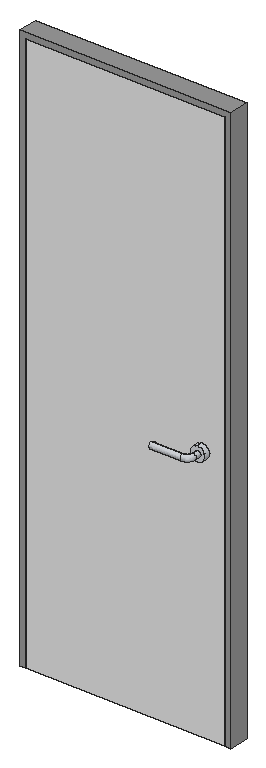
Revit family "- Vania", category Doors, host Wall, Revit 2018
Family settings
  Host = Wall
  OmniClass Number = 23.30.10.00
  OmniClass Title = Doors
  Always vertical = Yes
  Cut with Voids When Loaded = No
  Shared = No
  Room Calculation Point = No
Parameters (values of type "- 70 x 200 cm")
  Set de Marcos = ""
  Relleno = ""
  Material Marco = - Perfil Aluminio
  Material Hoja = - HDF Prefinish
  Manilla = - Manilla
  Hojas = "Simple de Abatir"
  Function = Interior
  Frame Projection Ext. = 2.50 cm
  Frame Projection Int. = 2.50 cm
  Frame Width = 7.50 cm
  Height = 200.00 cm
  Wall Closure = By host
  Width = 74.00 cm
  Distancia a Cara Interior = 6.00 cm
  Bisagras = ""
  Ancho Hoja = Width - 4.00 cm  # 70.00 cm
  Ancho = Width  # 74.00 cm
  Analytic Construction = "<None>"
  Alto = Height  # 200.00 cm
Types (12, lengths in cm): name | Material Hoja | Height | Width | Ancho Hoja | Ancho | Alto
  - 70 x 200 cm | - HDF Prefinish | 200.00 | 74.00 | 70.00 | 74.00 | 200.00
  - 75 x 200 cm | none | 200.00 | 79.00 | 75.00 | 79.00 | 200.00
  - 80 x 200 cm | none | 200.00 | 84.00 | 80.00 | 84.00 | 200.00
  - 85 x 200 cm | none | 200.00 | 89.00 | 85.00 | 89.00 | 200.00
  - 90 x 200 cm | none | 200.00 | 94.00 | 90.00 | 94.00 | 200.00
  -100 x 200 cm | none | 200.00 | 104.00 | 100.00 | 104.00 | 200.00
  - 70 x 210 cm | none | 210.00 | 74.00 | 70.00 | 74.00 | 210.00
  - 75 x 210 cm | none | 210.00 | 79.00 | 75.00 | 79.00 | 210.00
  - 80 x 210 cm | none | 210.00 | 84.00 | 80.00 | 84.00 | 210.00
  - 85 x 210 cm | none | 210.00 | 89.00 | 85.00 | 89.00 | 210.00
  - 90 x 210 cm | - HDF Prefinish | 210.00 | 94.00 | 90.00 | 94.00 | 210.00
  - 100 x 210 cm | - HDF Siena | 210.00 | 104.00 | 100.00 | 104.00 | 210.00
Reference planes (cm)
  plane 1: y = 0
  plane 2 "Center (Left/Right)": x = 0
  plane 3 "Left": x = -37
  plane 4 "Right": x = 37
  plane 5: z = 200
  plane 6 "Exterior": y = 7.5
  plane 7 "Interior": y = -7.5
  plane 8: y = -1.5
  plane 9: z = 198
  plane 10: x = -35
  plane 11: x = 35
Forms (cm)
  Sweep 1, solid, material "- Perfil Aluminio" <- "Material Marco"
    path origin (0, 7.5, 0) x (1, 0, 0) y (0, 0, 1)
      loop
        line (37, 0) -> (37, 200) -> (-37, 200) -> (-37, 0)
    profile origin (37, 7.5, 100) x (-1, 0, 0) y (0, -1, 0)
      loop
        line (0, 2) -> (3, 2) -> (3, 4.3) -> (2, 4.3) -> (2, 9) -> (0, 9) -> (0, 2)
  Extrusion 2, solid, material "- HDF Prefinish" <- "Material Hoja"
    sketch origin (0, 0, 0) x (1, 0, 0) y (0, 1, 0)
      loop
        line (-35, -1.5) -> (35, -1.5) -> (35, 3) -> (-35, 3) -> (-35, -1.5)
    from 0 to 198
  Sweep 3, solid, material "- Manilla" <- "Manilla", not visible
    path origin (5.8483, -7.5601, 0) x (1, 0, 0) y (0, 1, 0)
      loop
        line (22.1517, 15.0613) -> (32.1517, 15.0613)
        arc (32.1517, 15.0613) -> (33.5659, 14.4756) -> (34.1517, 13.0613) r 2
        line (34.1517, 13.0613) -> (34.1517, 11.0613)
    profile origin (33, 7.5012, 0) x (0, 1, 0) y (0, 0, 1)
      loop
        circle (0, 90) r 1
  Extrusion 4, solid, material "- Manilla" <- "Manilla", not visible
    sketch origin (0, 7.5, 0) x (1, 0, 0) y (0, 0, 1)
      loop
        circle (40, 90) r 2.5
    from 3.9988 to 5
Lines and regions (cm)
  Opening 1
    outline origin (-305, -7.5, 0) x (1, 0, 0) y (0, 0, 1)
      loop
        line (268, 0) -> (342, 0) -> (342, 200) -> (268, 200) -> (268, 0)
  symbolic lines, style "Elevation Swing"
    curve 1: line (37, -7.5, 100) -> (-37, -7.5, 200)
    curve 2: line (37, -7.5, 100) -> (-37, -7.5, 0)
    curve 7: arc (-30.5, -71.5, 0) -> (16.4246, -49.6941, 0) -> (35.2596, -1.5001, 0) r 69.4706
  symbolic lines
    curve 3: line (-35, -1.5, 0) -> (-35, -71.5, 0)
    curve 4: line (-30.5, -1.5, 0) -> (-35, -1.5, 0)
    curve 5: line (-30.5, -71.5, 0) -> (-30.5, -1.5, 0)
    curve 6: line (-35, -71.5, 0) -> (-30.5, -71.5, 0)
  model lines, not visible
    curve 8: line (-20, 3, 25) -> (20, 3, 25)
    curve 9: line (-20, 3, 65) -> (-20, 3, 25)
    curve 10: line (20, 3, 65) -> (8.6603, 3, 65)
    curve 11: line (20, 3, 25) -> (20, 3, 65)
    curve 12: line (-20, 3, 75) -> (-8.6603, 3, 75)
    curve 13: line (-20, 3, 75) -> (-20, 3, 169.9666)
    curve 14: line (20, 3, 75) -> (20, 3, 169.9666)
    curve 15: arc (-8.6603, 3, 65) -> (0, 3, 60) -> (8.6603, 3, 65) r 10
    curve 16: line (8.6603, 3, 75) -> (20, 3, 75)
    curve 17: line (-8.6603, 3, 65) -> (-20, 3, 65)
    curve 18: arc (8.6603, 3, 75) -> (0, 3, 80) -> (-8.6603, 3, 75) r 10
    curve 19: arc (14.9666, 3, 175) -> (0, 3, 183) -> (-14.9666, 3, 175) r 18
    curve 20: arc (-20, 3, 169.9666) -> (-16.4409, 3, 171.4409) -> (-14.9666, 3, 175) r 5.0334
    curve 21: arc (14.9666, 3, 175) -> (16.4409, 3, 171.4409) -> (20, 3, 169.9666) r 5.0334
    curve 22: line (-9.2195, 3, 64) -> (-19, 3, 64)
    curve 23: line (-19, 3, 64) -> (-19, 3, 26)
    curve 24: arc (9.2195, 3, 64) -> (0, 3, 59) -> (-9.2195, 3, 64) r 11
    curve 25: line (19, 3, 64) -> (9.2195, 3, 64)
    curve 26: line (19, 3, 26) -> (19, 3, 64)
    curve 27: line (-19, 3, 26) -> (19, 3, 26)
    curve 28: line (-18.9928, 3, 168.9932) -> (-18.9928, 3, 76)
    curve 29: arc (-13.9941, 3, 174.9045) -> (-15.4113, 3, 171.0338) -> (-18.9928, 3, 168.9932) r 5.9946
    curve 30: arc (13.9971, 3, 174.7848) -> (0.0327, 3, 182.1538) -> (-13.9941, 3, 174.9045) r 17.0542
    curve 31: arc (19, 3, 169.1276) -> (15.4988, 3, 171.072) -> (13.9971, 3, 174.7848) r 6.0089
    curve 32: line (19, 3, 76) -> (19, 3, 169.1276)
    curve 33: line (9.2195, 3, 76) -> (19, 3, 76)
    curve 34: arc (-9.2195, 3, 76) -> (0, 3, 81) -> (9.2195, 3, 76) r 11
    curve 35: line (-18.9928, 3, 76) -> (-9.2195, 3, 76)
    curve 36: arc (12.052, 3, 174.0667) -> (0.0498, 3, 180.1537) -> (-12.0243, 3, 174.2107) r 15.0542
    curve 37: arc (-12.0243, 3, 174.2107) -> (-13.561, 3, 170.1508) -> (-16.9928, 3, 167.4925) r 7.9946
    curve 38: line (-16.9928, 3, 167.4925) -> (-16.9928, 3, 78)
    curve 39: line (17, 3, 78) -> (17, 3, 167.6269)
    curve 40: arc (17, 3, 167.6269) -> (13.6492, 3, 170.1731) -> (12.052, 3, 174.0667) r 8.0089
    curve 41: line (-16.9928, 3, 78) -> (-10.247, 3, 78)
    curve 42: arc (-10.247, 3, 78) -> (0, 3, 83) -> (10.247, 3, 78) r 13
    curve 43: line (10.247, 3, 78) -> (17, 3, 78)
    curve 44: line (-10.247, 3, 62) -> (-17, 3, 62)
    curve 45: arc (10.247, 3, 62) -> (0, 3, 57) -> (-10.247, 3, 62) r 13
    curve 46: line (17, 3, 62) -> (10.247, 3, 62)
    curve 47: line (17, 3, 28) -> (17, 3, 62)
    curve 48: line (-17, 3, 28) -> (17, 3, 28)
    curve 49: line (-17, 3, 62) -> (-17, 3, 28)
    curve 50: line (-314, -1.5, 25) -> (-274, -1.5, 25)
    curve 51: line (-314, -1.5, 65) -> (-314, -1.5, 25)
    curve 52: line (-274, -1.5, 25) -> (-274, -1.5, 65)
    curve 53: line (-314, -1.5, 70) -> (-274, -1.5, 70)
    curve 54: line (-314, -1.5, 70) -> (-314, -1.5, 87)
    curve 55: line (-274, -1.5, 70) -> (-274, -1.5, 87)
    curve 56: line (-274, -1.5, 65) -> (-314, -1.5, 65)
    curve 57: line (-275, -1.5, 64) -> (-313, -1.5, 64)
    curve 58: line (-313, -1.5, 64) -> (-313, -1.5, 26)
    curve 59: line (-275, -1.5, 26) -> (-275, -1.5, 64)
    curve 60: line (-313, -1.5, 26) -> (-275, -1.5, 26)
    curve 61: line (-312.9928, -1.5, 86) -> (-312.9928, -1.5, 71)
    curve 62: line (-275, -1.5, 71) -> (-275, -1.5, 86)
    curve 63: line (-312.9928, -1.5, 71) -> (-275, -1.5, 71)
    curve 64: line (-310.9928, -1.5, 84) -> (-310.9928, -1.5, 73)
    curve 65: line (-277, -1.5, 73) -> (-277, -1.5, 84)
    curve 66: line (-310.9928, -1.5, 73) -> (-277, -1.5, 73)
    curve 67: line (-277, -1.5, 62) -> (-311, -1.5, 62)
    curve 68: line (-277, -1.5, 28) -> (-277, -1.5, 62)
    curve 69: line (-311, -1.5, 28) -> (-277, -1.5, 28)
    curve 70: line (-311, -1.5, 62) -> (-311, -1.5, 28)
    curve 71: line (-310.9928, -1.5, 84) -> (-277, -1.5, 84)
    curve 72: line (-314, -1.5, 87) -> (-274, -1.5, 87)
    curve 73: line (-312.9928, -1.5, 86) -> (-275, -1.5, 86)
    curve 74: line (-310.9928, -1.5, 84) -> (-277, -1.5, 84)
    curve 75: line (-314, -1.5, 97) -> (-274, -1.5, 97)
    curve 76: line (-314, -1.5, 185) -> (-314, -1.5, 97)
    curve 77: line (-274, -1.5, 97) -> (-274, -1.5, 185)
    curve 78: line (-274, -1.5, 185) -> (-314, -1.5, 185)
    curve 79: line (-275, -1.5, 184) -> (-313, -1.5, 184)
    curve 80: line (-313, -1.5, 184) -> (-313, -1.5, 98)
    curve 81: line (-275, -1.5, 98) -> (-275, -1.5, 184)
    curve 82: line (-313, -1.5, 98) -> (-275, -1.5, 98)
    curve 83: line (-277, -1.5, 182) -> (-311, -1.5, 182)
    curve 84: line (-277, -1.5, 100) -> (-277, -1.5, 182)
    curve 85: line (-311, -1.5, 100) -> (-277, -1.5, 100)
    curve 86: line (-311, -1.5, 182) -> (-311, -1.5, 100)
    curve 87: line (-320, 3, 25) -> (-280, 3, 25)
    curve 88: line (-320, 3, 65) -> (-320, 3, 25)
    curve 89: line (-280, 3, 25) -> (-280, 3, 65)
    curve 90: line (-320, 3, 72.5) -> (-280, 3, 72.5)
    curve 91: line (-280, 3, 65) -> (-320, 3, 65)
    curve 92: line (-281, 3, 64) -> (-319, 3, 64)
    curve 93: line (-319, 3, 64) -> (-319, 3, 26)
    curve 94: line (-281, 3, 26) -> (-281, 3, 64)
    curve 95: line (-319, 3, 26) -> (-281, 3, 26)
    curve 96: line (-319, 3, 73.5) -> (-281, 3, 73.5)
    curve 97: line (-317, 3, 75.5) -> (-283, 3, 75.5)
    curve 98: line (-283, 3, 62) -> (-317, 3, 62)
    curve 99: line (-283, 3, 28) -> (-283, 3, 62)
    curve 100: line (-317, 3, 28) -> (-283, 3, 28)
    curve 101: line (-317, 3, 62) -> (-317, 3, 28)
    curve 102: line (-320, 3, 179.3431) -> (-320, 3, 72.5)
    curve 103: line (-280, 3, 72.5) -> (-280, 3, 179.3431)
    curve 104: line (-319, 3, 178.3431) -> (-319, 3, 73.5)
    curve 105: line (-281, 3, 73.5) -> (-281, 3, 178.3431)
    curve 106: line (-283, 3, 75.5) -> (-283, 3, 176.3431)
    curve 107: line (-317, 3, 176.3431) -> (-317, 3, 75.5)
    curve 108: arc (-292, 3, 181) -> (-300, 3, 185) -> (-308, 3, 181) r 10
    curve 109: arc (-292, 3, 181) -> (-290.1648, 3, 179.7737) -> (-288, 3, 179.3431) r 5.6569
    curve 110: arc (-308, 3, 181) -> (-309.8352, 3, 179.7737) -> (-312, 3, 179.3431) r 5.6569
    curve 111: line (-288, 3, 179.3431) -> (-280, 3, 179.3431)
    curve 112: line (-312, 3, 179.3431) -> (-320, 3, 179.3431)
    curve 113: line (-281, 3, 178.3431) -> (-288, 3, 178.3431)
    curve 114: arc (-288, 3, 178.3431) -> (-290.5825, 3, 178.8645) -> (-292.7604, 3, 180.3468) r 6.6569
    curve 115: arc (-292.7604, 3, 180.3468) -> (-300, 3, 184) -> (-307.2396, 3, 180.3468) r 9
    curve 116: arc (-307.2396, 3, 180.3468) -> (-309.4175, 3, 178.8645) -> (-312, 3, 178.3431) r 6.6569
    curve 117: line (-312, 3, 178.3431) -> (-319, 3, 178.3431)
    curve 118: line (-283, 3, 176.3431) -> (-288, 3, 176.3431)
    curve 119: arc (-288, 3, 176.3431) -> (-291.43, 3, 177.0516) -> (-294.2985, 3, 179.0611) r 8.6569
    curve 120: arc (-294.2985, 3, 179.0611) -> (-300, 3, 182) -> (-305.7015, 3, 179.0611) r 7
    curve 121: arc (-305.7015, 3, 179.0611) -> (-308.57, 3, 177.0516) -> (-312, 3, 176.3431) r 8.6569
    curve 122: line (-312, 3, 176.3431) -> (-317, 3, 176.3431)
    curve 126: line (300, -1.5, 25) -> (344, -1.5, 25)
    curve 127: line (300, -1.5, 185) -> (300, -1.5, 25)
    curve 128: line (344, -1.5, 25) -> (344, -1.5, 185)
    curve 132: line (304, 3, 25) -> (348, 3, 25)
    curve 133: line (304, 3, 185) -> (304, 3, 25)
    curve 134: line (348, 3, 25) -> (348, 3, 185)
    curve 136: line (348, 3, 185) -> (304, 3, 185)
    curve 138: line (300, -1.5, 185) -> (344, -1.5, 185)
  model lines
    curve 123: line (-22, -1.5, 25) -> (22, -1.5, 25)
    curve 124: line (-22, -1.5, 185) -> (-22, -1.5, 25)
    curve 125: line (22, -1.5, 25) -> (22, -1.5, 185)
    curve 129: line (-22, 3, 25) -> (22, 3, 25)
    curve 130: line (-22, 3, 185) -> (-22, 3, 25)
    curve 131: line (22, 3, 25) -> (22, 3, 185)
    curve 135: line (22, 3, 185) -> (-22, 3, 185)
    curve 137: line (-22, -1.5, 185) -> (22, -1.5, 185)
Text (cm)
  text "Exterior" at (-229.5016, 109.9543, 0), in view "Ref. Level"
  text "Exterior" at (0, 161.538, 369.8081), in view "Left"
  text "Exterior" at (0, 103.6032, 387.4932), in view "Right"
Dimensions and locks (cm)
  equal spacing: plane 3 "Left", plane 2 "Center (Left/Right)", plane 4 "Right"
  "Width": plane 3 "Left" to plane 4 "Right"
  "Height": plane 5 to host wall
  equal spacing: host wall, curve 2, plane 5
  host wall to plane 5 = 200.00 cm
  locked: plane 6 "Exterior" to host wall at 0
  locked: plane 7 "Interior" to host wall
  "Distancia a Cara Interior": plane 7 "Interior" to plane 8
  locked: Sweep 1 sketch curve to Sweep 1 sketch curve at 7
  locked: plane 9 to plane 5 at 2
  locked: curve 3 to curve 5 at 4.5
  locked: plane 3 "Left" to plane 10 at 2
  locked: plane 11 to plane 4 "Right" at 2
  "Ancho Hoja": curve 6 to curve 4
  locked: Extrusion 2 sketch curve to Extrusion 2 sketch curve at 4.5
  locked: nested 1 to plane 4 "Right" at 10
  level to nested 1 = 90.00 cm
  locked: nested 2 to plane 4 "Right" at 10
  locked: nested 2 to level at 90
  locked: Sweep 1 sketch curve to Sweep 1 sketch curve at 2.3
  locked: Extrusion 2 to curve 135 at 185
  locked: curve 137 to Extrusion 2 at 185
  locked: curve 125 to plane 2 "Center (Left/Right)" at 22
  locked: plane 2 "Center (Left/Right)" to curve 130 at 22
  aligned and locked: plane 3 "Left" to Opening 1 sketch curve
  aligned and locked: plane 5 to Opening 1 sketch curve  (x2)
  aligned and locked: Opening 1 sketch curve to plane 4 "Right"
  aligned and locked: Opening 1 sketch curve to level
  aligned and locked: plane 5 to curve 1
  aligned and locked: plane 3 "Left" to curve 2
  aligned and locked: plane 1 to host wall
  aligned and locked: plane 3 "Left" to curve 1
  aligned and locked: plane 8 to Sweep 1 sketch curve
  aligned and locked: Extrusion 2 sketch curve to plane 8
  aligned and locked: Sweep 1 to level
  aligned and locked: plane 10 to curve 3
  aligned and locked: Sweep 3 to Extrusion 4
  aligned and locked: Extrusion 2 to plane 9
Automatic sketch dimensions
  plane 4 "Right" to curve 2 = 0.00 cm
  curve 2 to level = 0.00 cm
  plane 3 "Left" to Sweep 1 sketch curve = 0.00 cm
  plane 4 "Right" to Sweep 1 sketch curve = 0.00 cm
  Sweep 1 sketch curve to level = 0.00 cm  (x2)
  Sweep 1 sketch curve to plane 5 = 0.00 cm
  Sweep 1 sketch curve to profile plane = 0.00 cm
  Sweep 1 sketch curve to profile plane = 2.00 cm
  Sweep 1 sketch curve to Sweep 1 sketch curve = 1.00 cm
  curve 7 to plane 8 = 0.0001 cm
  curve 7 to plane 11 = 0.2596 cm
  curve 4 to plane 8 = 0.00 cm
  curve 7 to plane 10 = 0.7919 cm
  Sweep 3 sketch curve to Sweep 3 sketch curve = 10.00 cm
  Sweep 3 sketch curve to Sweep 3 sketch curve = 2.00 cm  (x2)
  Sweep 3 sketch curve to profile plane = 0.00 cm
  profile plane to Sweep 3 sketch curve = 90.00 cm
  Extrusion 2 sketch curve to plane 10 = 0.00 cm
  Extrusion 2 sketch curve to plane 11 = 0.00 cm
  curve 15 to curve 18 = 0.00 cm  (x4)
  curve 15 to curve 24 = 0.00 cm  (x4)
  curve 15 to curve 34 = 0.00 cm  (x4)
  curve 15 to curve 42 = 0.00 cm  (x4)
  curve 15 to curve 45 = 0.00 cm  (x4)
  curve 29 to curve 37 = 0.00 cm  (x4)
  curve 30 to curve 36 = 0.00 cm  (x4)
  curve 31 to curve 40 = 0.00 cm  (x4)
  curve 8 to curve 31 = 0.00 cm
  curve 21 to curve 31 = 0.00 cm
  curve 14 to curve 32 = 1.00 cm
  curve 10 to curve 26 = 1.00 cm
  curve 26 to curve 47 = 2.00 cm
  curve 32 to curve 39 = 2.00 cm
  curve 46 to curve 46 = 6.753 cm
  curve 39 to curve 43 = 6.753 cm
  curve 42 to curve 33 = 1.0274 cm
  curve 45 to curve 25 = 1.0274 cm
  curve 33 to curve 16 = 0.5593 cm
  curve 24 to curve 10 = 0.5593 cm
  curve 16 to curve 24 = 8.6603 cm
  curve 39 to curve 19 = 17.00 cm
  curve 19 to curve 36 = 0.0402 cm
  curve 15 to curve 12 = 8.6603 cm
  curve 15 to curve 17 = 8.6603 cm
  curve 15 to curve 22 = 0.5593 cm
  curve 12 to curve 35 = 0.5593 cm
  curve 22 to curve 44 = 1.0274 cm
  curve 34 to curve 41 = 1.0274 cm
  curve 41 to curve 38 = 6.7459 cm
  curve 47 to curve 48 = 34.00 cm
  curve 38 to curve 35 = 2.00 cm
  curve 44 to curve 22 = 2.00 cm
  curve 28 to curve 29 = 0.9959 cm
  curve 29 to curve 20 = 0.0113 cm
  curve 22 to curve 17 = 1.00 cm
  curve 8 to curve 26 = 1.00 cm
  curve 23 to curve 49 = 2.00 cm
  curve 48 to curve 49 = 34.00 cm
  curve 45 to curve 25 = 2.00 cm
  curve 25 to curve 10 = 1.00 cm
  curve 10 to curve 45 = 5.00 cm
  curve 10 to curve 16 = 10.00 cm
  curve 12 to curve 35 = 1.00 cm
  curve 34 to curve 41 = 2.00 cm
  curve 41 to curve 19 = 87.00 cm
  curve 19 to curve 30 = 0.0997 cm
  curve 36 to curve 38 = 2.3928 cm
  curve 19 to curve 39 = 2.6269 cm
  curve 37 to curve 28 = 1.5007 cm
  curve 39 to curve 32 = 1.5007 cm
  curve 28 to curve 13 = 0.9734 cm
  curve 31 to curve 14 = 0.839 cm
  curve 13 to curve 29 = 4.9378 cm
  curve 29 to curve 20 = 0.0955 cm
  curve 21 to curve 40 = 0.0527 cm
  curve 31 to curve 36 = 1.9451 cm
  curve 55 to curve 62 = 1.4142 cm
  curve 59 to curve 68 = 2.8284 cm
  curve 62 to curve 65 = 2.8284 cm
  curve 53 to curve 63 = 1.4142 cm
  curve 57 to curve 67 = 2.8284 cm
  curve 66 to curve 64 = 33.9928 cm
  curve 68 to curve 69 = 34.00 cm
  curve 64 to curve 63 = 2.8284 cm
  curve 67 to curve 57 = 2.8284 cm
  curve 57 to curve 56 = 1.4142 cm
  curve 50 to curve 59 = 1.4142 cm
  curve 58 to curve 70 = 2.8284 cm
  curve 69 to curve 70 = 34.00 cm  (x2)
  curve 53 to curve 63 = 1.4193 cm
  curve 65 to curve 62 = 2.8284 cm
  curve 61 to curve 54 = 1.4193 cm
  curve 18 to curve 24 = 0.00 cm  (x2)
  curve 18 to curve 34 = 0.00 cm  (x2)
  curve 18 to curve 42 = 0.00 cm  (x2)
  curve 18 to curve 45 = 0.00 cm  (x2)
  curve 24 to curve 34 = 0.00 cm  (x2)
  curve 24 to curve 42 = 0.00 cm  (x2)
  curve 24 to curve 45 = 0.00 cm  (x2)
  curve 34 to curve 42 = 0.00 cm  (x2)
  curve 34 to curve 45 = 0.00 cm  (x2)
  curve 42 to curve 45 = 0.00 cm  (x2)
  curve 72 to curve 51 = 0.00 cm
  curve 75 to curve 54 = 0.00 cm
  curve 76 to curve 79 = 1.00 cm
  curve 51 to curve 57 = 1.00 cm
  curve 53 to curve 63 = 1.0072 cm
  curve 79 to curve 86 = 2.00 cm
  curve 58 to curve 70 = 2.00 cm
  curve 61 to curve 66 = 2.00 cm
  curve 64 to curve 65 = 33.9928 cm
  curve 69 to curve 69 = 34.00 cm
  curve 85 to curve 65 = 0.00 cm
  curve 68 to curve 60 = 2.00 cm
  curve 65 to curve 63 = 2.00 cm
  curve 84 to curve 82 = 2.00 cm
  curve 62 to curve 55 = 1.00 cm
  curve 57 to curve 56 = 1.00 cm  (x2)
  curve 79 to curve 78 = 1.00 cm  (x2)
  curve 50 to curve 59 = 1.00 cm
  curve 59 to curve 68 = 2.00 cm
  curve 67 to curve 57 = 2.00 cm
  curve 52 to curve 53 = 5.00 cm
  curve 53 to curve 63 = 1.00 cm
  curve 62 to curve 66 = 2.00 cm
  curve 65 to curve 71 = 11.00 cm
  curve 65 to curve 62 = 2.00 cm
  curve 62 to curve 72 = 1.00 cm
  curve 55 to curve 75 = 10.00 cm
  curve 75 to curve 82 = 1.00 cm
  curve 81 to curve 84 = 2.00 cm
  curve 84 to curve 84 = 82.00 cm
  curve 83 to curve 79 = 2.00 cm
  curve 87 to curve 90 = 0.00 cm
  curve 103 to curve 105 = 1.00 cm
  curve 89 to curve 92 = 1.00 cm
  curve 105 to curve 106 = 2.00 cm
  curve 92 to curve 99 = 2.00 cm
  curve 98 to curve 98 = 34.00 cm
  curve 106 to curve 107 = 34.00 cm
  curve 97 to curve 96 = 2.00 cm
  curve 98 to curve 92 = 2.00 cm
  curve 96 to curve 102 = 1.00 cm
  curve 92 to curve 91 = 1.00 cm
  curve 87 to curve 94 = 1.00 cm
  curve 94 to curve 99 = 2.00 cm
  curve 100 to curve 101 = 34.00 cm
  curve 98 to curve 93 = 2.00 cm
  curve 92 to curve 89 = 1.00 cm
  curve 89 to curve 103 = 7.50 cm
  curve 90 to curve 105 = 1.00 cm
  curve 96 to curve 106 = 2.00 cm
  curve 97 to curve 107 = 100.8431 cm
  curve 106 to curve 107 = 0.00 cm
  curve 106 to curve 105 = 2.00 cm
  curve 105 to curve 103 = 1.00 cm
  curve 108 to curve 115 = 0.00 cm  (x4)
  curve 108 to curve 120 = 0.00 cm  (x4)
  curve 109 to curve 114 = 0.00 cm  (x3)
  curve 109 to curve 119 = 0.00 cm  (x4)
  curve 110 to curve 116 = 0.00 cm  (x3)
  curve 110 to curve 121 = 0.00 cm  (x3)
  curve 114 to curve 119 = 0.00 cm  (x3)
  curve 116 to curve 121 = 0.00 cm  (x4)
  curve 106 to curve 111 = 5.00 cm
  curve 118 to curve 115 = 12.00 cm
  curve 110 to curve 104 = 7.00 cm
  curve 115 to curve 106 = 1.3431 cm
  curve 122 to curve 117 = 2.00 cm
  curve 117 to curve 112 = 1.00 cm
  curve 110 to curve 121 = 5.6569 cm
  curve 111 to curve 109 = 5.6569 cm
  curve 109 to curve 109 = 4.00 cm
  curve 108 to curve 115 = 0.7604 cm
  curve 115 to curve 119 = 1.5381 cm
  curve 115 to curve 120 = 0.00 cm  (x2)
  curve 129 to curve 130 = 44.00 cm
  curve 129 to curve 131 = 160.00 cm
  curve 132 to curve 133 = 44.00 cm
  curve 132 to curve 134 = 160.00 cm
  curve 124 to curve 125 = 44.00 cm
  curve 123 to curve 125 = 160.00 cm
  curve 127 to curve 128 = 44.00 cm
  curve 126 to curve 128 = 160.00 cm
  radius of Sweep 3 sketch curve = 1.00 cm
  radius of Extrusion 4 sketch curve = 2.50 cm
Nested families (cm)
  nested 1: "- Manilla Generica Puerta" at (27, 3, 90) x (0, 0, -1) z (0, 1, 0), type "- Manilla Generica Puerta"
  nested 2: "- Manilla Generica Puerta" at (27, -1.5, 90) x (0, 0, -1) z (0, -1, 0), type "- Manilla Generica Puerta"
Definition of nested family "- Manilla Generica Puerta"
  Parameters (values of type "- Manilla Generica Puerta")
    Manilla = none
    Default Elevation = 121.92 cm
  Reference planes (cm)
    plane 1 "Center (Front/Back)": y = 0
    plane 2: z = 0
    plane 3 "Center (Left/Right)": x = 0
    plane 4: z = 2
  Forms (cm)
    Extrusion 1, solid
      sketch origin (0, 0, 0) x (1, 0, 0) y (0, 1, 0)
        loop
          line (-121.92, 121.92) -> (-121.92, -121.92) -> (121.92, -121.92) -> (121.92, 121.92) -> (-121.92, 121.92)
      from 0 to -30.48
    Extrusion 2, solid, material <- "Manilla"
      sketch origin (0, 0, 0) x (1, 0, 0) y (0, 1, 0)
        loop
          circle (0, 0) r 2.5
      from 0 to 2
    Sweep 3, solid, material <- "Manilla"
      path origin (0, 0, 0) x (0, 1, 0) y (0, 0, 1)
        loop
          line (0, 2) -> (0, 4)
          arc (0, 4) -> (0.5858, 5.4142) -> (2, 6) r 2
          line (2, 6) -> (13, 6)
      profile origin (0, 0, 3) x (0, -1, 0) y (1, 0, 0)
        loop
          circle (0, 0) r 1
  Dimensions and locks (cm)
    locked: Extrusion 2 to Extrusion 2 at 2
    locked: plane 4 to level at 2
    aligned and locked: plane 2 to Extrusion 1
    aligned and locked: level to Extrusion 1
    aligned and locked: plane 4 to Sweep 3
